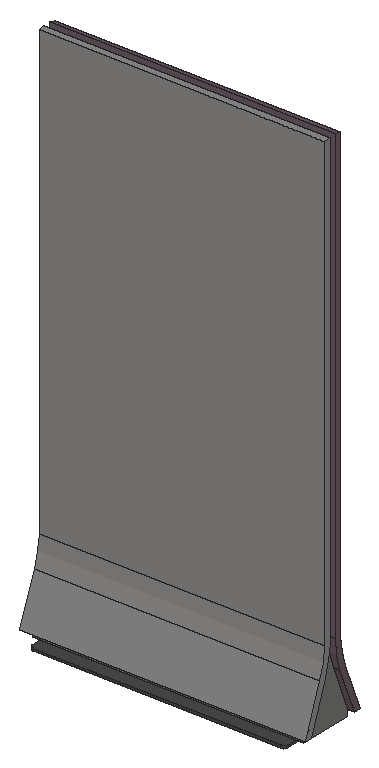
Revit family "Screen-Teknion-STBE_Qui-R2013", category Furniture, Revit 2013
Parameters (values of type "31" x 59"")
  Width = 31.500"
  Warranty = "http://www.teknionstudio.com/pdfs/Teknion%20Studio%20Warranty.pdf"
  Upholstery Finish of Side B [instance] = Fabric - Teknion - F223 - Full Wool - Deep Orchid
  Upholstery Finish of Side A [instance] = Fabric - Teknion - F206 - Full Wool - Fantasme
  Unit Weight = 0.00 lbf
  URL = "www.teknionstudio.com"
  Series = "Studio"
  Product Line = "Qui"
  Product Documentation Link = "http://www.teknionstudio.com/pricing/STBE_ppg.pdf"
  Part Number = "STBE"
  Model = "STBE2"
  Mid Upholstery Finish [instance] = Fabric - Teknion - H512 - Heather Felt - Bone Ash
  Manufacturer Phone = "919-464-2920"
  Manufacturer Fax = "919-464-2927"
  Manufacturer Email = "customersupport@teknionstudio.com"
  Manufacturer Address = "3941 US 70 Business HWY West, Clayton, NC 27520"
  Manufacturer = "Teknion Studio"
  Low Emitting Material = yes
  Low Emitting Finish = yes
  Height = 59.22458"
  Description = "Qui Screen, Large - 31\"w x 59\"h x 8.5\"d / 79cm x 150cm x 22cm"
  Depth = 9.000"
  Assembly Code = "E2020200"
Types (3): name | Model | Height | Description
  (no name) | "STBE2" | 59.22458" | "Qui Screen, Large - 31\"w x 59\"h x 8.5\"d / 79cm x 150cm x 22cm"
  31" x 53" | "STBE1" | 52.78811" | "Qui Screen, Medium - 31\"w x 53\"h x 8.5\"d / 79cm x 130cm x 22cm"
  31" x 59" | "STBE2" | 59.22458" | "Qui Screen, Large - 31\"w x 59\"h x 8.5\"d / 79cm x 150cm x 22cm"
Reference planes (in)
  plane 1 "Center F/B": y = 0
  plane 2: z = 0
  plane 3 "Center L/R": x = 0
  plane 4 "Left": x = -15.75
  plane 5 "Right": x = 15.75
  plane 6 "Back": y = 4.5
  plane 7 "Front": y = -4.5
  plane 8 "Top": z = 59.22458
  plane 9: z = 58.40951
  plane 10: x = -14.9375
  plane 11: x = 14.9375
  plane 12: z = 1.00867
  plane 13: z = 9.33465
  plane 14: z = 0.25
  plane 15: x = 14.125
  plane 16: x = -14.125
Forms (in)
  Sweep 1, solid, material "Fabric - Teknion - H512 - Heather Felt - Bone Ash" <- "Mid Upholstery Finish"
    path origin (0, 0, 0) x (1, 0, 0) y (0, 0, 1)
      loop
        line (-14.9375, 0) -> (14.9375, 0)
    profile origin (0, 0, 0) x (0, 0, 1) y (0, -1, 0)
      loop
        line (0.25, -3) -> (0.99086, -3) -> (6.02698, -1.00985)
        arc (6.02698, -1.00985) -> (7.6511, -0.53887) -> (9.33465, -0.38) r 9
        line (9.33465, -0.38) -> (58.40951, -0.38) -> (58.40951, 0.38) -> (9.33465, 0.38)
        arc (9.33465, 0.38) -> (7.6511, 0.53887) -> (6.02698, 1.00985) r 9
        line (6.02698, 1.00985) -> (0.99086, 3) -> (0.25, 3) -> (0.25, -3)
  Sweep 2, solid, material "Fabric - Teknion - F223 - Full Wool - Deep Orchid" <- "Upholstery Finish of Side B"
    path origin (0, 0, 0) x (1, 0, 0) y (0, 0, 1)
      loop
        line (-15.75, 0) -> (15.75, 0)
    profile origin (0, 0, 0) x (0, 0, 1) y (0, -1, 0)
      loop
        line (59.22458, -0.43) -> (9.33465, -0.43)
        arc (9.33465, -0.43) -> (7.65105, -0.59326) -> (6.02694, -1.0659) r 9.08146
        line (6.02694, -1.0659) -> (1.00867, -3.04968) -> (1.00867, -3.72174) -> (6.1296, -1.69738)
        arc (6.1296, -1.69738) -> (7.70026, -1.21718) -> (9.33465, -1.05501) r 8.31687
        line (9.33465, -1.05501) -> (59.13681, -1.05501) -> (59.22458, -0.43)
  Sweep 3, solid, material "Fabric - Teknion - F206 - Full Wool - Fantasme" <- "Upholstery Finish of Side A"
    path origin (0, 0, 0) x (1, 0, 0) y (0, 0, 1)
      loop
        line (-15.75, 0) -> (15.75, 0)
    profile origin (0, 0, 0) x (0, 0, 1) y (0, -1, 0)
      loop
        line (59.22458, 0.43) -> (59.13681, 1.05501) -> (9.33465, 1.05501)
        arc (9.33465, 1.05501) -> (7.70026, 1.21718) -> (6.1296, 1.69738) r 8.31687
        line (6.1296, 1.69738) -> (1.00867, 3.72174) -> (1.00867, 3.04968) -> (6.02694, 1.0659)
        arc (6.02694, 1.0659) -> (7.65105, 0.59326) -> (9.33465, 0.43) r 9.08146
        line (9.33465, 0.43) -> (59.22458, 0.43)
  Sweep 4, solid, material "Plastic - Teknion - E - Ebony"
    path origin (0, 0, 0) x (1, 0, 0) y (0, 0, 1)
      loop
        line (0, 0.25) -> (0, 0)
    profile origin (0, 0, 0.125) x (0, -1, 0) y (1, 0, 0)
      loop
        arc (-4.5, -13.625) -> (-4.35355, -13.97855) -> (-4, -14.125) r 0.5
        line (-4, -14.125) -> (4, -14.125)
        arc (4, -14.125) -> (4.35355, -13.97855) -> (4.5, -13.625) r 0.5
        line (4.5, -13.625) -> (4.5, 13.625)
        arc (4.5, 13.625) -> (4.35355, 13.97855) -> (4, 14.125) r 0.5
        line (4, 14.125) -> (-4, 14.125)
        arc (-4, 14.125) -> (-4.35355, 13.97855) -> (-4.5, 13.625) r 0.5
        line (-4.5, 13.625) -> (-4.5, -13.625)
Lines and regions (in)
  Masking region 1
    outline origin (0, 0, 59.22458) x (-1, 0, 0) y (0, -1, 0)
      loop
        line (-13.625, -4.5) -> (13.625, -4.5)
        arc (13.625, -4.5) -> (13.97855, -4.35355) -> (14.125, -4) r 0.5
        line (14.125, -4) -> (14.125, -3.72174) -> (15.75, -3.72174) -> (15.75, -0.43) -> (14.9375, -0.43) -> (14.9375, 0.43) -> (15.75, 0.43) -> (15.75, 3.72174) -> (14.125, 3.72174) -> (14.125, 4)
        arc (14.125, 4) -> (13.97855, 4.35355) -> (13.625, 4.5) r 0.5
        line (13.625, 4.5) -> (-13.625, 4.5)
        arc (-13.625, 4.5) -> (-13.97855, 4.35355) -> (-14.125, 4) r 0.5
        line (-14.125, 4) -> (-14.125, 3.72174) -> (-15.75, 3.72174) -> (-15.75, 0.43) -> (-14.9375, 0.43) -> (-14.9375, -0.43) -> (-15.75, -0.43) -> (-15.75, -3.72174) -> (-14.125, -3.72174) -> (-14.125, -4)
        arc (-14.125, -4) -> (-13.97855, -4.35355) -> (-13.625, -4.5) r 0.5
  symbolic lines
    curve 1: line (-14.125, 3.72174, 59.22458) -> (14.125, 3.72174, 59.22458)
    curve 2: line (14.9375, 0.43, 59.22458) -> (-14.9375, 0.43, 59.22458)
    curve 3: line (14.9375, -0.43, 59.22458) -> (-14.9375, -0.43, 59.22458)
    curve 4: line (-14.125, -3.72174, 59.22458) -> (14.125, -3.72174, 59.22458)
  symbolic lines, detail levels medium+fine
    curve 5: line (-15.75, -1.05501, 59.22458) -> (15.75, -1.05501, 59.22458)
    curve 6: line (15.75, 1.0659, 59.22458) -> (-15.75, 1.0659, 59.22458)
  symbolic lines, detail levels fine
    curve 7: line (-15.75, 1.69738, 59.22458) -> (15.75, 1.69738, 59.22458)
    curve 8: line (15.75, -1.69738, 59.22458) -> (-15.75, -1.69738, 59.22458)
Dimensions and locks (in)
  "Height": plane 8 "Top" to plane 2
  equal spacing: plane 4 "Left", plane 3 "Center L/R", plane 5 "Right"
  "Width": plane 4 "Left" to plane 5 "Right"
  equal spacing: plane 6 "Back", plane 1 "Center F/B", plane 7 "Front"
  "Depth": plane 6 "Back" to plane 7 "Front"
  locked: plane 10 to plane 4 "Left" at 0.8125
  locked: plane 5 "Right" to plane 11 at 0.8125
  locked: plane 8 "Top" to plane 9 at 0.81507
  plane 13 to plane 12 to plane 14 to plane 2 = 8.32598" locked, 0.75867" locked, 0.250" locked
  locked: plane 16 to plane 4 "Left" at 1.625
  locked: plane 15 to plane 5 "Right" at 1.625
  Sweep 1 sketch curve to plane 1 "Center F/B" to Sweep 1 sketch curve = 9.380" locked, 9.380" locked
  Sweep 1 sketch curve to plane 1 "Center F/B" to Sweep 1 sketch curve = 3.000" locked, 3.000" locked
  locked: Sweep 1 sketch curve to Sweep 1 sketch curve at 0.76
  equal spacing: Sweep 1 sketch curve, plane 1 "Center F/B", Sweep 1 sketch curve
  Sweep 2 sketch curve to Sweep 2 sketch curve to plane 1 "Center F/B" = 0.62501" locked, 0.430" locked
  locked: Sweep 2 sketch curve to plane 13 at 0.03089
  Sweep 2 sketch curve to Sweep 2 sketch curve to plane 1 "Center F/B" = 0.13953" locked, 9.37188" locked
  locked: Sweep 2 sketch curve to Sweep 2 sketch curve at 0.625
  locked: plane 8 "Top" to Sweep 2 sketch curve at 0.08777
  locked: plane 8 "Top" to Sweep 3 sketch curve at 0.08777
  locked: Sweep 3 sketch curve to plane 13 at 0.03089
  plane 1 "Center F/B" to Sweep 3 sketch curve to Sweep 3 sketch curve = 9.37188" locked, 0.13953" locked
  plane 1 "Center F/B" to Sweep 3 sketch curve to Sweep 3 sketch curve = 0.430" locked, 0.62501" locked
  locked: Sweep 3 sketch curve to Sweep 3 sketch curve at 0.625
  locked: Sweep 1 sketch curve to plane 12 (angle 111.563°)
  locked: plane 12 to Sweep 1 sketch curve (angle 111.563°)
  locked: Sweep 2 sketch curve to plane 12 (angle 111.569°)
  locked: Sweep 1 to plane 12 (angle 111.563°)
  locked: plane 8 "Top" to Sweep 2 sketch curve (angle 7.99351°)
  locked: Sweep 3 sketch curve to plane 8 "Top" (angle 7.99351°)
  locked: plane 12 to Sweep 3 sketch curve (angle 111.569°)  (x2)
  aligned and locked: level to plane 2
  aligned and locked: plane 10 to Sweep 1 sketch curve
  aligned and locked: plane 11 to Sweep 1 sketch curve
  aligned and locked: Sweep 1 sketch curve to plane 2
  aligned and locked: plane 9 to Sweep 1 sketch curve
  aligned and locked: Sweep 1 sketch curve to plane 14
  aligned and locked: plane 13 to Sweep 1 sketch curve  (x2)
  aligned and locked: plane 4 "Left" to Sweep 2 sketch curve
  aligned and locked: plane 5 "Right" to Sweep 2 sketch curve
  aligned and locked: Sweep 2 sketch curve to plane 2
  aligned and locked: Sweep 2 sketch curve to plane 12
  aligned and locked: plane 13 to Sweep 2 sketch curve
  aligned and locked: plane 4 "Left" to Sweep 3 sketch curve
  aligned and locked: plane 5 "Right" to Sweep 3 sketch curve
  aligned and locked: Sweep 3 sketch curve to plane 2
  aligned and locked: plane 12 to Sweep 3 sketch curve
  aligned and locked: plane 8 "Top" to Sweep 3 sketch curve
  aligned and locked: plane 13 to Sweep 3 sketch curve
  aligned and locked: plane 2 to Sweep 4 sketch curve
  aligned and locked: plane 14 to Sweep 4 sketch curve
  aligned and locked: Sweep 4 sketch curve to plane 3 "Center L/R"
  aligned and locked: Sweep 4 sketch curve to plane 6 "Back"
  aligned and locked: Sweep 4 sketch curve to plane 7 "Front"
  aligned and locked: plane 16 to Sweep 4 sketch curve
  aligned and locked: plane 15 to Sweep 4 sketch curve
  aligned and locked: Masking region 1 sketch curve to Sweep 4  (x4)
  aligned and locked: Masking region 1 sketch curve to Sweep 2  (x4)
  aligned and locked: Sweep 1 to Masking region 1 sketch curve  (x2)
  aligned and locked: Masking region 1 sketch curve to Sweep 3  (x4)
  aligned and locked: Masking region 1 sketch curve to plane 16
  aligned and locked: curve 1 to Masking region 1
  aligned and locked: curve 2 to Masking region 1
  aligned and locked: Masking region 1 to curve 3
  aligned and locked: curve 4 to Masking region 1
  aligned and locked: Masking region 1 to curve 4
  aligned and locked: curve 5 to Sweep 3
  aligned and locked: curve 6 to Sweep 2
  aligned and locked: Sweep 2 to curve 7
  aligned and locked: curve 7 to Sweep 2
  aligned and locked: curve 8 to Sweep 3  (x2)
Automatic sketch dimensions
  plane 1 "Center F/B" to Sweep 1 sketch curve = 1.00985"
  Sweep 1 sketch curve to Sweep 1 sketch curve = 0.000"
  Sweep 2 sketch curve to plane 1 "Center F/B" = 1.0659"
  Sweep 2 sketch curve to profile plane = 6.02694"
  Sweep 3 sketch curve to Sweep 3 sketch curve = 0.10267"
  Sweep 3 sketch curve to Sweep 3 sketch curve = 0.000"
  Sweep 4 sketch curve to plane 1 "Center F/B" = 4.000"
  profile plane to Sweep 4 sketch curve = 13.625"
  Sweep 4 sketch curve to Sweep 4 sketch curve = 0.500"  (x2)
  Masking region 1 sketch curve to plane 6 "Back" = 0.77826"
  Masking region 1 sketch curve to plane 1 "Center F/B" = 0.430"
  plane 1 "Center F/B" to Masking region 1 sketch curve = 0.430"
  Masking region 1 sketch curve to plane 7 "Front" = 0.77826"
  curve 5 to plane 5 "Right" = 0.000"
  curve 6 to plane 5 "Right" = 0.000"
  curve 7 to plane 5 "Right" = 0.000"
  curve 3 to plane 11 = 0.000"
  curve 2 to plane 11 = 0.000"
  curve 1 to plane 15 = 0.000"
  curve 4 to plane 15 = 0.000"
  curve 1 to plane 16 = 0.000"
  curve 2 to plane 10 = 0.000"
  curve 3 to plane 10 = 0.000"
  curve 6 to plane 4 "Left" = 0.000"
  curve 5 to plane 4 "Left" = 0.000"
  curve 8 to plane 4 "Left" = 0.000"
